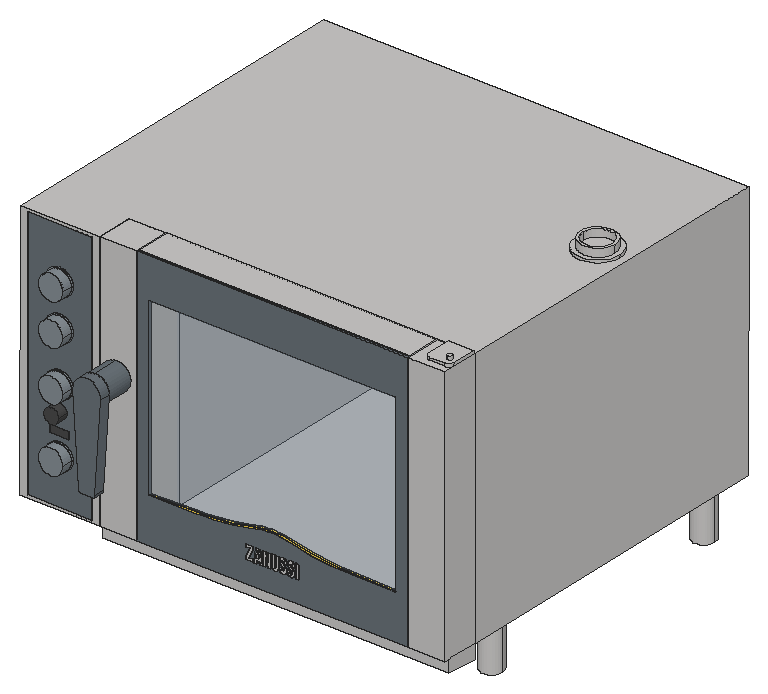
Revit family "QF_ZANUSSI_240451_ZFCE61CSDS", category Specialty Equipment, Revit 2023 (continued)
Definition of nested family "ZAN_DOOR_CROSSWISE_H525"
  Automatic sketch dimensions
    Extrusion 4 sketch curve to Extrusion 4 sketch curve = 2.06 mm
    Extrusion 4 sketch curve to Extrusion 4 sketch curve = 0.191 mm
    Extrusion 4 sketch curve to Extrusion 4 sketch curve = 0.669 mm
    Extrusion 4 sketch curve to Extrusion 4 sketch curve = 1.051 mm
    Extrusion 4 sketch curve to Extrusion 4 sketch curve = 5.17 mm
    Extrusion 4 sketch curve to Extrusion 4 sketch curve = 63.165 mm
    Extrusion 4 sketch curve to Extrusion 4 sketch curve = 160.676 mm
    plane 9 to Extrusion 4 sketch curve = 110.668 mm
    plane 9 to Extrusion 4 sketch curve = 104.369 mm
    Extrusion 4 sketch curve to Extrusion 4 sketch curve = 0.216 mm
    Extrusion 4 sketch curve to Extrusion 4 sketch curve = 20.101 mm
    Extrusion 4 sketch curve to Extrusion 4 sketch curve = 14.439 mm
    plane 16 to Extrusion 4 sketch curve = 89.148 mm
    Extrusion 4 sketch curve to Extrusion 4 sketch curve = 0.343 mm
    Extrusion 4 sketch curve to Extrusion 4 sketch curve = 0.346 mm
    Extrusion 4 sketch curve to Extrusion 4 sketch curve = 1.209 mm
    Extrusion 4 sketch curve to Extrusion 4 sketch curve = 2.747 mm
    Extrusion 4 sketch curve to Extrusion 4 sketch curve = 2.745 mm  (x2)
    Extrusion 4 sketch curve to Extrusion 4 sketch curve = 2.666 mm
    Extrusion 4 sketch curve to Extrusion 4 sketch curve = 2.667 mm
    Extrusion 4 sketch curve to Extrusion 4 sketch curve = 5.816 mm  (x2)
    Extrusion 4 sketch curve to Extrusion 4 sketch curve = 2.231 mm
    Extrusion 4 sketch curve to Extrusion 4 sketch curve = 5.779 mm
    Extrusion 4 sketch curve to Extrusion 4 sketch curve = 5.783 mm
    Extrusion 4 sketch curve to Extrusion 4 sketch curve = 2.602 mm
    Extrusion 4 sketch curve to Extrusion 4 sketch curve = 2.603 mm
    plane 16 to Extrusion 5 sketch curve = 47.982 mm  (x2)
    Extrusion 5 sketch curve to Extrusion 5 sketch curve = 0 mm  (x16)
    Extrusion 5 sketch curve to Extrusion 5 sketch curve = 0.692 mm  (x2)
    Extrusion 5 sketch curve to Extrusion 5 sketch curve = 4.75 mm  (x5)
    Extrusion 5 sketch curve to Extrusion 5 sketch curve = 4.787 mm
    Extrusion 5 sketch curve to Extrusion 5 sketch curve = 0.328 mm
    Extrusion 5 sketch curve to Extrusion 5 sketch curve = 5.241 mm  (x2)
    Extrusion 5 sketch curve to Extrusion 5 sketch curve = 4.87 mm
    Extrusion 5 sketch curve to Extrusion 5 sketch curve = 5.561 mm
    Extrusion 5 sketch curve to Extrusion 5 sketch curve = 0.212 mm  (x2)
    Extrusion 5 sketch curve to Extrusion 5 sketch curve = 0.025 mm  (x2)
    Extrusion 5 sketch curve to Extrusion 5 sketch curve = 0.346 mm  (x2)
    Extrusion 5 sketch curve to Extrusion 5 sketch curve = 0.525 mm  (x3)
    Extrusion 5 sketch curve to Extrusion 5 sketch curve = 1.401 mm  (x2)
    Extrusion 5 sketch curve to Extrusion 5 sketch curve = 1.186 mm  (x2)
    Extrusion 5 sketch curve to Extrusion 5 sketch curve = 2.546 mm  (x2)
    Extrusion 5 sketch curve to Extrusion 5 sketch curve = 0.458 mm  (x2)
    Extrusion 5 sketch curve to Extrusion 5 sketch curve = 9.5 mm
    Extrusion 5 sketch curve to Extrusion 5 sketch curve = 5.655 mm  (x2)
    Extrusion 5 sketch curve to Extrusion 5 sketch curve = 5.986 mm  (x2)
    Extrusion 5 sketch curve to Extrusion 5 sketch curve = 2.141 mm  (x2)
    Extrusion 5 sketch curve to Extrusion 5 sketch curve = 12.739 mm
    Extrusion 5 sketch curve to Extrusion 5 sketch curve = 8.354 mm
    Extrusion 5 sketch curve to Extrusion 5 sketch curve = 3.681 mm
    Extrusion 5 sketch curve to Extrusion 5 sketch curve = 1.209 mm
    Extrusion 5 sketch curve to Extrusion 5 sketch curve = 0.702 mm  (x2)
    Extrusion 5 sketch curve to Extrusion 5 sketch curve = 1.067 mm  (x2)
    Extrusion 5 sketch curve to Extrusion 5 sketch curve = 0.798 mm
    Extrusion 5 sketch curve to Extrusion 5 sketch curve = 1.163 mm
    Extrusion 5 sketch curve to Extrusion 5 sketch curve = 0.282 mm
    Extrusion 5 sketch curve to Extrusion 5 sketch curve = 2.148 mm
    Extrusion 5 sketch curve to Extrusion 5 sketch curve = 1.642 mm
    Extrusion 5 sketch curve to Extrusion 5 sketch curve = 0.277 mm
    Extrusion 5 sketch curve to Extrusion 5 sketch curve = 1.568 mm  (x2)
    Extrusion 5 sketch curve to Extrusion 5 sketch curve = 0.043 mm  (x2)
    Extrusion 5 sketch curve to Extrusion 5 sketch curve = 0.093 mm  (x2)
    Extrusion 5 sketch curve to Extrusion 5 sketch curve = 3.228 mm
    Extrusion 5 sketch curve to Extrusion 5 sketch curve = 0.491 mm
    Extrusion 5 sketch curve to Extrusion 5 sketch curve = 3.931 mm  (x3)
    Extrusion 5 sketch curve to Extrusion 5 sketch curve = 5.078 mm
    Extrusion 5 sketch curve to Extrusion 5 sketch curve = 2.818 mm
    Extrusion 5 sketch curve to Extrusion 5 sketch curve = 1.565 mm
    Extrusion 5 sketch curve to Extrusion 5 sketch curve = 5.405 mm
    Extrusion 5 sketch curve to Extrusion 5 sketch curve = 5.733 mm  (x3)
    Extrusion 5 sketch curve to Extrusion 5 sketch curve = 7.68 mm
    plane 13 to Extrusion 5 sketch curve = 197.259 mm
    Extrusion 5 sketch curve to Extrusion 5 sketch curve = 4.888 mm
    Extrusion 5 sketch curve to Extrusion 5 sketch curve = 5.704 mm
    Extrusion 5 sketch curve to Extrusion 5 sketch curve = 0.845 mm
    Extrusion 5 sketch curve to Extrusion 5 sketch curve = 1.947 mm  (x2)
    Extrusion 5 sketch curve to Extrusion 5 sketch curve = 0.089 mm  (x2)
    Extrusion 5 sketch curve to Extrusion 5 sketch curve = 1.743 mm
    Extrusion 5 sketch curve to Extrusion 5 sketch curve = 6.311 mm
    Extrusion 5 sketch curve to Extrusion 5 sketch curve = 5.327 mm  (x2)
    Extrusion 5 sketch curve to Extrusion 5 sketch curve = 0.024 mm  (x2)
    Extrusion 5 sketch curve to Extrusion 5 sketch curve = 0.143 mm  (x2)
    Extrusion 5 sketch curve to Extrusion 5 sketch curve = 0.597 mm  (x2)
    Extrusion 5 sketch curve to Extrusion 5 sketch curve = 2.07 mm  (x2)
    Extrusion 5 sketch curve to Extrusion 5 sketch curve = 1.298 mm  (x2)
    Extrusion 5 sketch curve to Extrusion 5 sketch curve = 1.366 mm  (x2)
    Extrusion 5 sketch curve to Extrusion 5 sketch curve = 0.362 mm  (x2)
    Extrusion 5 sketch curve to Extrusion 5 sketch curve = 0.15 mm  (x2)
    Extrusion 5 sketch curve to Extrusion 5 sketch curve = 0.726 mm  (x3)
    Extrusion 5 sketch curve to Extrusion 5 sketch curve = 0.409 mm  (x2)
    Extrusion 5 sketch curve to Extrusion 5 sketch curve = 1.432 mm  (x2)
    Extrusion 5 sketch curve to Extrusion 5 sketch curve = 2.132 mm  (x2)
    Extrusion 5 sketch curve to Extrusion 5 sketch curve = 2.415 mm  (x2)
    Extrusion 5 sketch curve to Extrusion 5 sketch curve = 2.892 mm  (x2)
    Extrusion 5 sketch curve to Extrusion 5 sketch curve = 4.969 mm
    Extrusion 5 sketch curve to Extrusion 5 sketch curve = 2.57 mm
    Extrusion 5 sketch curve to Extrusion 5 sketch curve = 0.116 mm
    Extrusion 5 sketch curve to Extrusion 5 sketch curve = 2.846 mm
    Extrusion 5 sketch curve to Extrusion 5 sketch curve = 4.422 mm  (x2)
    Extrusion 5 sketch curve to Extrusion 5 sketch curve = 1.773 mm
    Extrusion 5 sketch curve to Extrusion 5 sketch curve = 5.719 mm
    Extrusion 5 sketch curve to Extrusion 5 sketch curve = 3.505 mm
    Extrusion 5 sketch curve to Extrusion 5 sketch curve = 1.646 mm
    Extrusion 5 sketch curve to Extrusion 5 sketch curve = 0.109 mm
    Extrusion 5 sketch curve to Extrusion 5 sketch curve = 1.311 mm
    Extrusion 5 sketch curve to Extrusion 5 sketch curve = 6.224 mm
    Extrusion 5 sketch curve to Extrusion 5 sketch curve = 6.061 mm
    Extrusion 5 sketch curve to Extrusion 5 sketch curve = 5.967 mm
    Extrusion 5 sketch curve to Extrusion 5 sketch curve = 5.897 mm  (x2)
    Extrusion 5 sketch curve to Extrusion 5 sketch curve = 0.819 mm  (x3)
    Extrusion 5 sketch curve to Extrusion 5 sketch curve = 3.276 mm
    Extrusion 5 sketch curve to Extrusion 5 sketch curve = 0.856 mm
    Extrusion 5 sketch curve to Extrusion 5 sketch curve = 5.934 mm
    Extrusion 5 sketch curve to Extrusion 5 sketch curve = 6.716 mm
    Extrusion 5 sketch curve to Extrusion 5 sketch curve = 8.598 mm
    Extrusion 5 sketch curve to Extrusion 5 sketch curve = 7.535 mm
    Extrusion 5 sketch curve to Extrusion 5 sketch curve = 6.308 mm
    Extrusion 5 sketch curve to Extrusion 5 sketch curve = 1.217 mm
    Extrusion 5 sketch curve to Extrusion 5 sketch curve = 3.121 mm  (x2)
    Extrusion 6 sketch curve to plane 7 = 0 mm  (x2)
    Extrusion 6 sketch curve to plane 9 = 0 mm
    Extrusion 6 sketch curve to plane 16 = 0 mm
    Extrusion 6 sketch curve to plane 5 "Feet" = 0 mm
    Extrusion 6 sketch curve to plane 15 = 0 mm
    plane 13 to Extrusion 6 sketch curve = 0 mm
    Extrusion 6 sketch curve to plane 14 = 0 mm
    Extrusion 1 sketch curve to plane 4 "Top" = 0 mm  (x2)
    Extrusion 1 sketch curve to plane 3 "Center (Left/Right)" = 0 mm
    Extrusion 1 sketch curve to plane 5 "Feet" = 0 mm  (x2)
    plane 10 to Extrusion 1 sketch curve = 0 mm
    Extrusion 1 sketch curve to plane 12 = 0 mm
    plane 11 to Extrusion 1 sketch curve = 0 mm
    plane 5 "Feet" to Extrusion 12 sketch curve = 0 mm
    Extrusion 12 sketch curve to plane 1 "Center (Front/Back)" = 0 mm
    plane 6 "Front" to Extrusion 12 sketch curve = 10 mm
    Extrusion 12 sketch curve to Extrusion 12 sketch curve = 25 mm
    Extrusion 12 sketch curve to Extrusion 12 sketch curve = 29.545 mm
    Extrusion 11 sketch curve to plane 17 = 0 mm
    Extrusion 11 sketch curve to plane 18 = 0 mm
    Extrusion 8 sketch curve to plane 7 = 0 mm
    Extrusion 8 sketch curve to plane 9 = 0 mm
    Extrusion 8 sketch curve to plane 16 = 0 mm
    plane 13 to Extrusion 8 sketch curve = 0 mm
    radius of curve 16 = 5 mm
    radius of Extrusion 13 sketch curve = 5 mm
    radius of Extrusion 11 sketch curve = 28 mm
